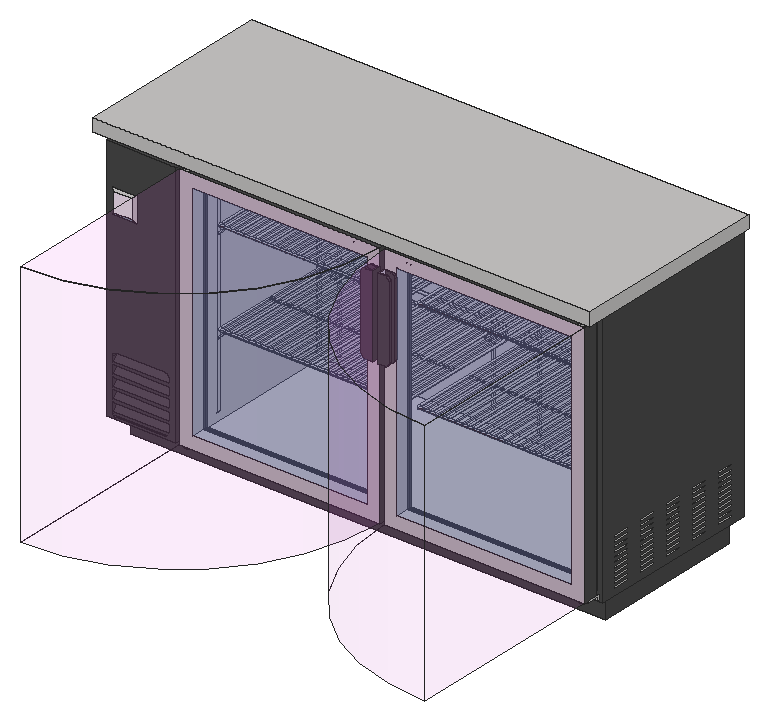
Revit family "QF_Kelvinator_738273_KCHBB60G_2-Glass_Door_Back_Bar_Refrigerator_Black_61_Long", category Specialty Equipment, Revit 2021
Family settings
  Round Connector Dimension = Use Diameter
  Part Type = Normal
  Work Plane-Based = No
  Always vertical = Yes
  Cut with Voids When Loaded = No
  Shared = No
  Room Calculation Point = No
Parameters
  Weight in Pounds = 260.145
  Watts = 300 W
  Volts = 115 V
  URL Cutsheet = ""
  Specification by User = ""
  Specification by Manufacturer = ""
  Serial Number = ""
  Seismic Rating = ""
  SMACNA No = ""
  Revision Code = ""
  Refrigerant Type = "R290"
  Phase = 1
  Number of Poles = 1
  NAFEM Spec ID Number = ""
  Model = "738273 (KCHBB60G)"
  Min Ckt Ampacity = 0 A
  Max Overcurrent Protection = 0 A
  Masterspec = ""
  Manufacturer = "Kelvinator Commercial"
  Length = 61.0625"
  Item Number = "738273"
  Installed By = ""
  Identify Quantity as Lot = yes
  Height = 36.220"
  HP = "1/5"
  Furnished By = ""
  Foodservice Equipment Identifier = yes
  FL Amps = 3 A
  Electrical Remarks = ""
  Electric Connection Type = ""
  Elec Conn RI Height = 0.000"
  Elec Conn Connection Height = 0.000"
  Description = "2-Glass Door Back Bar Refrigerator Black 61\" Long"
  Depth = 24.409"
  Default Elevation = 0.000"
  Cycle = 60 Hz
  Conn Plug = "5-15P"
  Conn Conduit = yes
  CSI MasterFormat = ""
  Apparent Power = 0 VA
Reference planes (in)
  plane 1 "BACK": y = 0
  plane 2: z = 0
  plane 3 "LEFT": x = 0
  plane 4 "RIGHT": x = 61.0625
  plane 5 "FRONT": y = -24.409
  plane 6 "TOP": z = 36.22
  plane 7 "Center Y": x = 30.53125
  plane 8 "Center X": y = -12.2045
Dimensions and locks (in)
  equal spacing: plane 3 "LEFT", plane 7 "Center Y", plane 4 "RIGHT"
  "Length": plane 3 "LEFT" to plane 4 "RIGHT"
  equal spacing: plane 5 "FRONT", plane 8 "Center X", plane 1 "BACK"
  "Depth": plane 5 "FRONT" to plane 1 "BACK"
  "Height": plane 6 "TOP" to level
  aligned and locked: level to plane 2
Nested families (in)
  nested 1: "KCHBB48S" at (0, 0, 0), type "KCHBB48S"
    with Show Clearance yes
Connectors (in)
  electrical at (30.53125, -0.715, 2.1875), driven by "Volts", driven by "Watts"
    settings: on nested 1, index 1, voltage 115 V, apparent load 300 VA, apparent load phase1 0 VA, apparent load phase2 0 VA, apparent load phase3 0 VA, power factor 1, load classification "Other", number of poles 1, system type 30, power factor state 1, is connector primary yes, connector utility no, sub classification motor no, connector description ""
Definition of nested family "KCHBB48S"
  Parameters (values of type "KCHBB48S")
    Weight in Pounds = 0
    URL Cutsheet = ""
    Specification by User = ""
    Specification by Manufacturer = ""
    Show Clearance [instance] = yes
    Serial Number = ""
    Seismic Rating = ""
    SMACNA No = ""
    Revision Code = ""
    NAFEM Spec ID Number = ""
    Masterspec = ""
    Length = 61.0625"
    Item Number = ""
    Installed By = ""
    Identify Quantity as Lot = yes
    Height = 36.1875"
    Furnished By = ""
    Foodservice Equipment Identifier = yes
    Depth = 24.4375"
    Default Elevation = 0.000"
    CSI MasterFormat = ""
  Reference planes (in)
    plane 1 "BACK": y = 0
    plane 2: z = 0
    plane 3 "LEFT": x = 0
    plane 4 "RIGHT": x = 61.0625
    plane 5 "FRONT": y = -24.4375
    plane 6 "TOP": z = 36.1875
    plane 7 "Center Y": x = 30.53125
    plane 8 "Center X": y = -12.21875
    plane 9: x = 60.46875
    plane 10: x = 0.59375
    plane 11: x = 59.96875
    plane 12: x = 35.36875
    plane 13: x = 34.86875
    plane 14: x = 10.26875
    plane 15: x = 9.68375
    plane 16: x = 1.18375
    plane 17: z = 2.6875
    plane 18: z = 34.5875
    plane 19: y = -40.8
    plane 20: y = -21.6
    plane 21: x = 1.34375
    plane 22: x = 59.71875
    plane 23: y = -1.34
    plane 24: y = -20.26
    plane 25: z = 33.8375
    plane 26: z = 3.4375
    plane 27: y = -22.1
    plane 28: x = 1.93375
    plane 29: x = 8.93375
    plane 30: x = 10.96025
    plane 31: x = 59.21025
    plane 32: x = 35.68125
    plane 33: x = 34.55625
  Forms (in)
    Extrusion 1, solid
      sketch origin (0.59375, -180, -2.6612) x (0, 0, -1) y (0, -1, 0)
        loop
          line (-5.3487, -180) -> (-5.3487, -158.4) -> (-37.2487, -158.4) -> (-37.2487, -180) -> (-5.3487, -180)
      from 0 to -59.875
    Extrusion 2, solid
      sketch origin (0, 0, 0) x (0, 1, 0) y (0, 0, 1)
        loop
          line (-24.4375, 36.1875) -> (-24.4375, 34.5875) -> (0, 34.5875) -> (0, 36.1875) -> (-24.4375, 36.1875)
      from 0 to 61.0625
    Extrusion 3, solid
      sketch origin (0, -1.34, 0) x (0, 0, -1) y (1, 0, 0)
        loop
          line (-2.6875, 1.34375) -> (0, 1.34375) -> (0, 59.71875) -> (-2.6875, 59.71875) -> (-2.6875, 1.34375)
      from 0 to 18.92
    Extrusion 4, solid
      sketch origin (0, -22.1, 34.5875) x (0, 0, 1) y (1, 0, 0)
        loop
          line (-0.75, 1.18375) -> (-0.75, 9.68375) -> (-31.15, 9.68375) -> (-31.15, 1.18375) -> (-0.75, 1.18375)
      from 0.5 to -1.75
    Extrusion 5, void
      sketch origin (1.93375, -180, 12.66737) x (0, 0, -1) y (0, -1, 0)
        loop
          line (8.97987, -157.025) -> (8.97987, -154.65) -> (1.85487, -154.65) -> (1.85487, -157.025) -> (2.10487, -157.025) -> (2.97987, -156.15) -> (3.22987, -156.15) -> (3.22987, -157.025) -> (3.47987, -157.025) -> (4.35487, -156.15) -> (4.60487, -156.15) -> (4.60487, -157.025) -> (4.85487, -157.025) -> (5.72987, -156.15) -> (5.97987, -156.15) -> (5.97987, -157.025) -> (6.22987, -157.025) -> (7.10487, -156.15) -> (7.35487, -156.15) -> (7.35487, -157.025) -> (7.60487, -157.025) -> (8.47987, -156.15) -> (8.72987, -156.15) -> (8.72987, -157.025) -> (8.97987, -157.025)
      from 0 to -7
    Extrusion 6, solid
      sketch origin (59.96875, -23.85, 3.4375) x (0, 0, 1) y (-1, 0, 0)
        loop
          line (7.375, 51.535) -> (7.375, 57.535)
          arc (7.375, 57.535) -> (7.22855, 57.88855) -> (6.875, 58.035) r 0.5
          line (6.875, 58.035) -> (0.75, 58.035)
          arc (0.75, 58.035) -> (0.39645, 57.88855) -> (0.25, 57.535) r 0.5
          line (0.25, 57.535) -> (0.25, 51.535)
          arc (0.25, 51.535) -> (0.39645, 51.18145) -> (0.75, 51.035) r 0.5
          line (0.75, 51.035) -> (6.875, 51.035)
          arc (6.875, 51.035) -> (7.22855, 51.18145) -> (7.375, 51.535) r 0.5
        loop
          line (7.625, 51.535) -> (7.625, 57.535)
          arc (7.625, 57.535) -> (7.40533, 58.06533) -> (6.875, 58.285) r 0.75
          line (6.875, 58.285) -> (0.75, 58.285)
          arc (0.75, 58.285) -> (0.21967, 58.06533) -> (0, 57.535) r 0.75
          line (0, 57.535) -> (0, 51.535)
          arc (0, 51.535) -> (0.21967, 51.00467) -> (0.75, 50.785) r 0.75
          line (0.75, 50.785) -> (6.875, 50.785)
          arc (6.875, 50.785) -> (7.40533, 51.00467) -> (7.625, 51.535) r 0.75
      from 0 to -0.875
    Blend 7, solid
      base sketch origin (59.96875, -23.85, 3.4375) x (0, 0, 1) y (-1, 0, 0)
        loop
          line (25.18493, 57.65025) -> (22.93493, 57.65025) -> (22.93493, 55.40025) -> (25.18493, 55.40025) -> (25.18493, 57.65025)
      top sketch origin (59.96875, -23.85, 3.4375) x (0, 0, 1) y (-1, 0, 0)
        loop
          line (25.56493, 58.03025) -> (22.55493, 58.03025) -> (22.55493, 55.02025) -> (25.56493, 55.02025) -> (25.56493, 58.03025)
      from 0.21643 to 0
    Extrusion 8, void
      sketch origin (0.59375, -180, -2.6612) x (0, 0, 1) y (0, -1, 0)
        loop
          arc (12.07129, -160.16063) -> (11.91504, -160.00438) -> (11.75879, -160.16063) r 0.15625
          line (11.75879, -160.16063) -> (11.75879, -162.09813)
          arc (11.75879, -162.09813) -> (11.91504, -162.25438) -> (12.07129, -162.09813) r 0.15625
          line (12.07129, -162.09813) -> (12.07129, -160.16063)
        loop
          arc (11.50879, -160.16063) -> (11.35254, -160.00438) -> (11.19629, -160.16063) r 0.15625
          line (11.19629, -160.16063) -> (11.19629, -162.09813)
          arc (11.19629, -162.09813) -> (11.35254, -162.25438) -> (11.50879, -162.09813) r 0.15625
          line (11.50879, -162.09813) -> (11.50879, -160.16063)
        loop
          arc (10.94629, -160.16063) -> (10.79004, -160.00438) -> (10.63379, -160.16063) r 0.15625
          line (10.63379, -160.16063) -> (10.63379, -162.09813)
          arc (10.63379, -162.09813) -> (10.79004, -162.25438) -> (10.94629, -162.09813) r 0.15625
          line (10.94629, -162.09813) -> (10.94629, -160.16063)
        loop
          arc (10.38379, -160.16063) -> (10.22754, -160.00438) -> (10.07129, -160.16063) r 0.15625
          line (10.07129, -160.16063) -> (10.07129, -162.09813)
          arc (10.07129, -162.09813) -> (10.22754, -162.25438) -> (10.38379, -162.09813) r 0.15625
          line (10.38379, -162.09813) -> (10.38379, -160.16063)
        loop
          arc (9.82129, -160.16063) -> (9.66504, -160.00438) -> (9.50879, -160.16063) r 0.15625
          line (9.50879, -160.16063) -> (9.50879, -162.09813)
          arc (9.50879, -162.09813) -> (9.66504, -162.25438) -> (9.82129, -162.09813) r 0.15625
          line (9.82129, -162.09813) -> (9.82129, -160.16063)
        loop
          arc (9.25879, -160.16063) -> (9.10254, -160.00438) -> (8.94629, -160.16063) r 0.15625
          line (8.94629, -160.16063) -> (8.94629, -162.09813)
          arc (8.94629, -162.09813) -> (9.10254, -162.25438) -> (9.25879, -162.09813) r 0.15625
          line (9.25879, -162.09813) -> (9.25879, -160.16063)
        loop
          arc (8.69629, -160.16063) -> (8.54004, -160.00438) -> (8.38379, -160.16063) r 0.15625
          line (8.38379, -160.16063) -> (8.38379, -162.09813)
          arc (8.38379, -162.09813) -> (8.54004, -162.25438) -> (8.69629, -162.09813) r 0.15625
          line (8.69629, -162.09813) -> (8.69629, -160.16063)
        loop
          arc (8.13379, -160.16063) -> (7.97754, -160.00438) -> (7.82129, -160.16063) r 0.15625
          line (7.82129, -160.16063) -> (7.82129, -162.09813)
          arc (7.82129, -162.09813) -> (7.97754, -162.25438) -> (8.13379, -162.09813) r 0.15625
          line (8.13379, -162.09813) -> (8.13379, -160.16063)
        loop
          arc (7.57129, -160.16063) -> (7.41504, -160.00438) -> (7.25879, -160.16063) r 0.15625
          line (7.25879, -160.16063) -> (7.25879, -162.09813)
          arc (7.25879, -162.09813) -> (7.41504, -162.25438) -> (7.57129, -162.09813) r 0.15625
          line (7.57129, -162.09813) -> (7.57129, -160.16063)
        loop
          arc (7.00879, -160.16063) -> (6.85254, -160.00438) -> (6.69629, -160.16063) r 0.15625
          line (6.69629, -160.16063) -> (6.69629, -162.09813)
          arc (6.69629, -162.09813) -> (6.85254, -162.25438) -> (7.00879, -162.09813) r 0.15625
          line (7.00879, -162.09813) -> (7.00879, -160.16063)
        loop
          arc (6.44629, -160.16063) -> (6.29004, -160.00438) -> (6.13379, -160.16063) r 0.15625
          line (6.13379, -160.16063) -> (6.13379, -162.09813)
          arc (6.13379, -162.09813) -> (6.29004, -162.25438) -> (6.44629, -162.09813) r 0.15625
          line (6.44629, -162.09813) -> (6.44629, -160.16063)
        loop
          arc (12.07129, -164.16063) -> (11.91504, -164.00438) -> (11.75879, -164.16063) r 0.15625
          line (11.75879, -164.16063) -> (11.75879, -166.09813)
          arc (11.75879, -166.09813) -> (11.91504, -166.25438) -> (12.07129, -166.09813) r 0.15625
          line (12.07129, -166.09813) -> (12.07129, -164.16063)
        loop
          arc (11.50879, -164.16063) -> (11.35254, -164.00438) -> (11.19629, -164.16063) r 0.15625
          line (11.19629, -164.16063) -> (11.19629, -166.09813)
          arc (11.19629, -166.09813) -> (11.35254, -166.25438) -> (11.50879, -166.09813) r 0.15625
          line (11.50879, -166.09813) -> (11.50879, -164.16063)
        loop
          arc (10.94629, -164.16063) -> (10.79004, -164.00438) -> (10.63379, -164.16063) r 0.15625
          line (10.63379, -164.16063) -> (10.63379, -166.09813)
          arc (10.63379, -166.09813) -> (10.79004, -166.25438) -> (10.94629, -166.09813) r 0.15625
          line (10.94629, -166.09813) -> (10.94629, -164.16063)
        loop
          arc (10.38379, -164.16063) -> (10.22754, -164.00438) -> (10.07129, -164.16063) r 0.15625
          line (10.07129, -164.16063) -> (10.07129, -166.09813)
          arc (10.07129, -166.09813) -> (10.22754, -166.25438) -> (10.38379, -166.09813) r 0.15625
          line (10.38379, -166.09813) -> (10.38379, -164.16063)
        loop
          arc (9.82129, -164.16063) -> (9.66504, -164.00438) -> (9.50879, -164.16063) r 0.15625
          line (9.50879, -164.16063) -> (9.50879, -166.09813)
          arc (9.50879, -166.09813) -> (9.66504, -166.25438) -> (9.82129, -166.09813) r 0.15625
          line (9.82129, -166.09813) -> (9.82129, -164.16063)
        loop
          arc (9.25879, -164.16063) -> (9.10254, -164.00438) -> (8.94629, -164.16063) r 0.15625
          line (8.94629, -164.16063) -> (8.94629, -166.09813)
          arc (8.94629, -166.09813) -> (9.10254, -166.25438) -> (9.25879, -166.09813) r 0.15625
          line (9.25879, -166.09813) -> (9.25879, -164.16063)
        loop
          arc (8.69629, -164.16063) -> (8.54004, -164.00438) -> (8.38379, -164.16063) r 0.15625
          line (8.38379, -164.16063) -> (8.38379, -166.09813)
          arc (8.38379, -166.09813) -> (8.54004, -166.25438) -> (8.69629, -166.09813) r 0.15625
          line (8.69629, -166.09813) -> (8.69629, -164.16063)
        loop
          arc (8.13379, -164.16063) -> (7.97754, -164.00438) -> (7.82129, -164.16063) r 0.15625
          line (7.82129, -164.16063) -> (7.82129, -166.09813)
          arc (7.82129, -166.09813) -> (7.97754, -166.25438) -> (8.13379, -166.09813) r 0.15625
          line (8.13379, -166.09813) -> (8.13379, -164.16063)
        loop
          arc (7.57129, -164.16063) -> (7.41504, -164.00438) -> (7.25879, -164.16063) r 0.15625
          line (7.25879, -164.16063) -> (7.25879, -166.09813)
          arc (7.25879, -166.09813) -> (7.41504, -166.25438) -> (7.57129, -166.09813) r 0.15625
          line (7.57129, -166.09813) -> (7.57129, -164.16063)
        loop
          arc (7.00879, -164.16063) -> (6.85254, -164.00438) -> (6.69629, -164.16063) r 0.15625
          line (6.69629, -164.16063) -> (6.69629, -166.09813)
          arc (6.69629, -166.09813) -> (6.85254, -166.25438) -> (7.00879, -166.09813) r 0.15625
          line (7.00879, -166.09813) -> (7.00879, -164.16063)
        loop
          arc (6.44629, -164.16063) -> (6.29004, -164.00438) -> (6.13379, -164.16063) r 0.15625
          line (6.13379, -164.16063) -> (6.13379, -166.09813)
          arc (6.13379, -166.09813) -> (6.29004, -166.25438) -> (6.44629, -166.09813) r 0.15625
          line (6.44629, -166.09813) -> (6.44629, -164.16063)
        loop
          arc (12.07129, -168.16063) -> (11.91504, -168.00438) -> (11.75879, -168.16063) r 0.15625
          line (11.75879, -168.16063) -> (11.75879, -170.09813)
          arc (11.75879, -170.09813) -> (11.91504, -170.25438) -> (12.07129, -170.09813) r 0.15625
          line (12.07129, -170.09813) -> (12.07129, -168.16063)
        loop
          arc (11.50879, -168.16063) -> (11.35254, -168.00438) -> (11.19629, -168.16063) r 0.15625
          line (11.19629, -168.16063) -> (11.19629, -170.09813)
          arc (11.19629, -170.09813) -> (11.35254, -170.25438) -> (11.50879, -170.09813) r 0.15625
          line (11.50879, -170.09813) -> (11.50879, -168.16063)
        loop
          arc (10.94629, -168.16063) -> (10.79004, -168.00438) -> (10.63379, -168.16063) r 0.15625
          line (10.63379, -168.16063) -> (10.63379, -170.09813)
          arc (10.63379, -170.09813) -> (10.79004, -170.25438) -> (10.94629, -170.09813) r 0.15625
          line (10.94629, -170.09813) -> (10.94629, -168.16063)
        loop
          arc (10.38379, -168.16063) -> (10.22754, -168.00438) -> (10.07129, -168.16063) r 0.15625
          line (10.07129, -168.16063) -> (10.07129, -170.09813)
          arc (10.07129, -170.09813) -> (10.22754, -170.25438) -> (10.38379, -170.09813) r 0.15625
          line (10.38379, -170.09813) -> (10.38379, -168.16063)
        loop
          arc (9.82129, -168.16063) -> (9.66504, -168.00438) -> (9.50879, -168.16063) r 0.15625
          line (9.50879, -168.16063) -> (9.50879, -170.09813)
          arc (9.50879, -170.09813) -> (9.66504, -170.25438) -> (9.82129, -170.09813) r 0.15625
          line (9.82129, -170.09813) -> (9.82129, -168.16063)
        loop
          arc (9.25879, -168.16063) -> (9.10254, -168.00438) -> (8.94629, -168.16063) r 0.15625
          line (8.94629, -168.16063) -> (8.94629, -170.09813)
          arc (8.94629, -170.09813) -> (9.10254, -170.25438) -> (9.25879, -170.09813) r 0.15625
          line (9.25879, -170.09813) -> (9.25879, -168.16063)
        loop
          arc (8.69629, -168.16063) -> (8.54004, -168.00438) -> (8.38379, -168.16063) r 0.15625
          line (8.38379, -168.16063) -> (8.38379, -170.09813)
          arc (8.38379, -170.09813) -> (8.54004, -170.25438) -> (8.69629, -170.09813) r 0.15625
          line (8.69629, -170.09813) -> (8.69629, -168.16063)
        loop
          arc (8.13379, -168.16063) -> (7.97754, -168.00438) -> (7.82129, -168.16063) r 0.15625
          line (7.82129, -168.16063) -> (7.82129, -170.09813)
          arc (7.82129, -170.09813) -> (7.97754, -170.25438) -> (8.13379, -170.09813) r 0.15625
          line (8.13379, -170.09813) -> (8.13379, -168.16063)
        loop
          arc (7.57129, -168.16063) -> (7.41504, -168.00438) -> (7.25879, -168.16063) r 0.15625
          line (7.25879, -168.16063) -> (7.25879, -170.09813)
          arc (7.25879, -170.09813) -> (7.41504, -170.25438) -> (7.57129, -170.09813) r 0.15625
          line (7.57129, -170.09813) -> (7.57129, -168.16063)
        loop
          arc (7.00879, -168.16063) -> (6.85254, -168.00438) -> (6.69629, -168.16063) r 0.15625
          line (6.69629, -168.16063) -> (6.69629, -170.09813)
          arc (6.69629, -170.09813) -> (6.85254, -170.25438) -> (7.00879, -170.09813) r 0.15625
          line (7.00879, -170.09813) -> (7.00879, -168.16063)
        loop
          arc (6.44629, -168.16063) -> (6.29004, -168.00438) -> (6.13379, -168.16063) r 0.15625
          line (6.13379, -168.16063) -> (6.13379, -170.09813)
          arc (6.13379, -170.09813) -> (6.29004, -170.25438) -> (6.44629, -170.09813) r 0.15625
          line (6.44629, -170.09813) -> (6.44629, -168.16063)
        loop
          arc (12.07129, -172.16063) -> (11.91504, -172.00438) -> (11.75879, -172.16063) r 0.15625
          line (11.75879, -172.16063) -> (11.75879, -174.09813)
          arc (11.75879, -174.09813) -> (11.91504, -174.25438) -> (12.07129, -174.09813) r 0.15625
          line (12.07129, -174.09813) -> (12.07129, -172.16063)
        loop
          arc (11.50879, -172.16063) -> (11.35254, -172.00438) -> (11.19629, -172.16063) r 0.15625
          line (11.19629, -172.16063) -> (11.19629, -174.09813)
          arc (11.19629, -174.09813) -> (11.35254, -174.25438) -> (11.50879, -174.09813) r 0.15625
          line (11.50879, -174.09813) -> (11.50879, -172.16063)
        loop
          arc (10.94629, -172.16063) -> (10.79004, -172.00438) -> (10.63379, -172.16063) r 0.15625
          line (10.63379, -172.16063) -> (10.63379, -174.09813)
          arc (10.63379, -174.09813) -> (10.79004, -174.25438) -> (10.94629, -174.09813) r 0.15625
          line (10.94629, -174.09813) -> (10.94629, -172.16063)
        loop
          arc (10.38379, -172.16063) -> (10.22754, -172.00438) -> (10.07129, -172.16063) r 0.15625
          line (10.07129, -172.16063) -> (10.07129, -174.09813)
          arc (10.07129, -174.09813) -> (10.22754, -174.25438) -> (10.38379, -174.09813) r 0.15625
          line (10.38379, -174.09813) -> (10.38379, -172.16063)
        loop
          arc (9.82129, -172.16063) -> (9.66504, -172.00438) -> (9.50879, -172.16063) r 0.15625
          line (9.50879, -172.16063) -> (9.50879, -174.09813)
          arc (9.50879, -174.09813) -> (9.66504, -174.25438) -> (9.82129, -174.09813) r 0.15625
          line (9.82129, -174.09813) -> (9.82129, -172.16063)
        loop
          arc (9.25879, -172.16063) -> (9.10254, -172.00438) -> (8.94629, -172.16063) r 0.15625
          line (8.94629, -172.16063) -> (8.94629, -174.09813)
          arc (8.94629, -174.09813) -> (9.10254, -174.25438) -> (9.25879, -174.09813) r 0.15625
          line (9.25879, -174.09813) -> (9.25879, -172.16063)
        loop
          arc (8.69629, -172.16063) -> (8.54004, -172.00438) -> (8.38379, -172.16063) r 0.15625
          line (8.38379, -172.16063) -> (8.38379, -174.09813)
          arc (8.38379, -174.09813) -> (8.54004, -174.25438) -> (8.69629, -174.09813) r 0.15625
          line (8.69629, -174.09813) -> (8.69629, -172.16063)
        loop
          arc (8.13379, -172.16063) -> (7.97754, -172.00438) -> (7.82129, -172.16063) r 0.15625
          line (7.82129, -172.16063) -> (7.82129, -174.09813)
          arc (7.82129, -174.09813) -> (7.97754, -174.25438) -> (8.13379, -174.09813) r 0.15625
          line (8.13379, -174.09813) -> (8.13379, -172.16063)
        loop
          arc (7.57129, -172.16063) -> (7.41504, -172.00438) -> (7.25879, -172.16063) r 0.15625
          line (7.25879, -172.16063) -> (7.25879, -174.09813)
          arc (7.25879, -174.09813) -> (7.41504, -174.25438) -> (7.57129, -174.09813) r 0.15625
          line (7.57129, -174.09813) -> (7.57129, -172.16063)
        loop
          arc (7.00879, -172.16063) -> (6.85254, -172.00438) -> (6.69629, -172.16063) r 0.15625
          line (6.69629, -172.16063) -> (6.69629, -174.09813)
          arc (6.69629, -174.09813) -> (6.85254, -174.25438) -> (7.00879, -174.09813) r 0.15625
          line (7.00879, -174.09813) -> (7.00879, -172.16063)
        loop
          arc (6.44629, -172.16063) -> (6.29004, -172.00438) -> (6.13379, -172.16063) r 0.15625
          line (6.13379, -172.16063) -> (6.13379, -174.09813)
          arc (6.13379, -174.09813) -> (6.29004, -174.25438) -> (6.44629, -174.09813) r 0.15625
          line (6.44629, -174.09813) -> (6.44629, -172.16063)
        loop
          arc (12.07129, -176.16063) -> (11.91504, -176.00438) -> (11.75879, -176.16063) r 0.15625
          line (11.75879, -176.16063) -> (11.75879, -178.09813)
          arc (11.75879, -178.09813) -> (11.91504, -178.25438) -> (12.07129, -178.09813) r 0.15625
          line (12.07129, -178.09813) -> (12.07129, -176.16063)
        loop
          arc (11.50879, -176.16063) -> (11.35254, -176.00438) -> (11.19629, -176.16063) r 0.15625
          line (11.19629, -176.16063) -> (11.19629, -178.09813)
          arc (11.19629, -178.09813) -> (11.35254, -178.25438) -> (11.50879, -178.09813) r 0.15625
          line (11.50879, -178.09813) -> (11.50879, -176.16063)
        loop
          arc (10.94629, -176.16063) -> (10.79004, -176.00438) -> (10.63379, -176.16063) r 0.15625
          line (10.63379, -176.16063) -> (10.63379, -178.09813)
          arc (10.63379, -178.09813) -> (10.79004, -178.25438) -> (10.94629, -178.09813) r 0.15625
          line (10.94629, -178.09813) -> (10.94629, -176.16063)
        loop
          arc (10.38379, -176.16063) -> (10.22754, -176.00438) -> (10.07129, -176.16063) r 0.15625
          line (10.07129, -176.16063) -> (10.07129, -178.09813)
          arc (10.07129, -178.09813) -> (10.22754, -178.25438) -> (10.38379, -178.09813) r 0.15625
          line (10.38379, -178.09813) -> (10.38379, -176.16063)
        loop
          arc (9.82129, -176.16063) -> (9.66504, -176.00438) -> (9.50879, -176.16063) r 0.15625
          line (9.50879, -176.16063) -> (9.50879, -178.09813)
          arc (9.50879, -178.09813) -> (9.66504, -178.25438) -> (9.82129, -178.09813) r 0.15625
          line (9.82129, -178.09813) -> (9.82129, -176.16063)
        loop
          arc (9.25879, -176.16063) -> (9.10254, -176.00438) -> (8.94629, -176.16063) r 0.15625
          line (8.94629, -176.16063) -> (8.94629, -178.09813)
          arc (8.94629, -178.09813) -> (9.10254, -178.25438) -> (9.25879, -178.09813) r 0.15625
          line (9.25879, -178.09813) -> (9.25879, -176.16063)
        loop
          arc (8.69629, -176.16063) -> (8.54004, -176.00438) -> (8.38379, -176.16063) r 0.15625
          line (8.38379, -176.16063) -> (8.38379, -178.09813)
          arc (8.38379, -178.09813) -> (8.54004, -178.25438) -> (8.69629, -178.09813) r 0.15625
          line (8.69629, -178.09813) -> (8.69629, -176.16063)
        loop
          arc (8.13379, -176.16063) -> (7.97754, -176.00438) -> (7.82129, -176.16063) r 0.15625
          line (7.82129, -176.16063) -> (7.82129, -178.09813)
          arc (7.82129, -178.09813) -> (7.97754, -178.25438) -> (8.13379, -178.09813) r 0.15625
          line (8.13379, -178.09813) -> (8.13379, -176.16063)
        loop
          arc (7.57129, -176.16063) -> (7.41504, -176.00438) -> (7.25879, -176.16063) r 0.15625
          line (7.25879, -176.16063) -> (7.25879, -178.09813)
          arc (7.25879, -178.09813) -> (7.41504, -178.25438) -> (7.57129, -178.09813) r 0.15625
          line (7.57129, -178.09813) -> (7.57129, -176.16063)
        loop
          arc (7.00879, -176.16063) -> (6.85254, -176.00438) -> (6.69629, -176.16063) r 0.15625
          line (6.69629, -176.16063) -> (6.69629, -178.09813)
          arc (6.69629, -178.09813) -> (6.85254, -178.25438) -> (7.00879, -178.09813) r 0.15625
          line (7.00879, -178.09813) -> (7.00879, -176.16063)
        loop
          arc (6.44629, -176.16063) -> (6.29004, -176.00438) -> (6.13379, -176.16063) r 0.15625
          line (6.13379, -176.16063) -> (6.13379, -178.09813)
          arc (6.13379, -178.09813) -> (6.29004, -178.25438) -> (6.44629, -178.09813) r 0.15625
          line (6.44629, -178.09813) -> (6.44629, -176.16063)
      from 0 to 0.03
    Extrusion 9, void
      sketch origin (60.46875, -180, -2.6612) x (0, 0, -1) y (0, -1, 0)
        loop
          line (-12.07129, -160.16063) -> (-12.07129, -162.09813)
          arc (-12.07129, -162.09813) -> (-11.91504, -162.25438) -> (-11.75879, -162.09813) r 0.15625
          line (-11.75879, -162.09813) -> (-11.75879, -160.16063)
          arc (-11.75879, -160.16063) -> (-11.91504, -160.00438) -> (-12.07129, -160.16063) r 0.15625
        loop
          line (-11.50879, -160.16063) -> (-11.50879, -162.09813)
          arc (-11.50879, -162.09813) -> (-11.35254, -162.25438) -> (-11.19629, -162.09813) r 0.15625
          line (-11.19629, -162.09813) -> (-11.19629, -160.16063)
          arc (-11.19629, -160.16063) -> (-11.35254, -160.00438) -> (-11.50879, -160.16063) r 0.15625
        loop
          line (-10.94629, -160.16063) -> (-10.94629, -162.09813)
          arc (-10.94629, -162.09813) -> (-10.79004, -162.25438) -> (-10.63379, -162.09813) r 0.15625
          line (-10.63379, -162.09813) -> (-10.63379, -160.16063)
          arc (-10.63379, -160.16063) -> (-10.79004, -160.00438) -> (-10.94629, -160.16063) r 0.15625
        loop
          line (-10.38379, -160.16063) -> (-10.38379, -162.09813)
          arc (-10.38379, -162.09813) -> (-10.22754, -162.25438) -> (-10.07129, -162.09813) r 0.15625
          line (-10.07129, -162.09813) -> (-10.07129, -160.16063)
          arc (-10.07129, -160.16063) -> (-10.22754, -160.00438) -> (-10.38379, -160.16063) r 0.15625
        loop
          line (-9.82129, -160.16063) -> (-9.82129, -162.09813)
          arc (-9.82129, -162.09813) -> (-9.66504, -162.25438) -> (-9.50879, -162.09813) r 0.15625
          line (-9.50879, -162.09813) -> (-9.50879, -160.16063)
          arc (-9.50879, -160.16063) -> (-9.66504, -160.00438) -> (-9.82129, -160.16063) r 0.15625
        loop
          line (-9.25879, -160.16063) -> (-9.25879, -162.09813)
          arc (-9.25879, -162.09813) -> (-9.10254, -162.25438) -> (-8.94629, -162.09813) r 0.15625
          line (-8.94629, -162.09813) -> (-8.94629, -160.16063)
          arc (-8.94629, -160.16063) -> (-9.10254, -160.00438) -> (-9.25879, -160.16063) r 0.15625
        loop
          line (-8.69629, -160.16063) -> (-8.69629, -162.09813)
          arc (-8.69629, -162.09813) -> (-8.54004, -162.25438) -> (-8.38379, -162.09813) r 0.15625
          line (-8.38379, -162.09813) -> (-8.38379, -160.16063)
          arc (-8.38379, -160.16063) -> (-8.54004, -160.00438) -> (-8.69629, -160.16063) r 0.15625
        loop
          line (-8.13379, -160.16063) -> (-8.13379, -162.09813)
          arc (-8.13379, -162.09813) -> (-7.97754, -162.25438) -> (-7.82129, -162.09813) r 0.15625
          line (-7.82129, -162.09813) -> (-7.82129, -160.16063)
          arc (-7.82129, -160.16063) -> (-7.97754, -160.00438) -> (-8.13379, -160.16063) r 0.15625
        loop
          line (-7.57129, -160.16063) -> (-7.57129, -162.09813)
          arc (-7.57129, -162.09813) -> (-7.41504, -162.25438) -> (-7.25879, -162.09813) r 0.15625
          line (-7.25879, -162.09813) -> (-7.25879, -160.16063)
          arc (-7.25879, -160.16063) -> (-7.41504, -160.00438) -> (-7.57129, -160.16063) r 0.15625
        loop
          line (-7.00879, -160.16063) -> (-7.00879, -162.09813)
          arc (-7.00879, -162.09813) -> (-6.85254, -162.25438) -> (-6.69629, -162.09813) r 0.15625
          line (-6.69629, -162.09813) -> (-6.69629, -160.16063)
          arc (-6.69629, -160.16063) -> (-6.85254, -160.00438) -> (-7.00879, -160.16063) r 0.15625
        loop
          line (-6.44629, -160.16063) -> (-6.44629, -162.09813)
          arc (-6.44629, -162.09813) -> (-6.29004, -162.25438) -> (-6.13379, -162.09813) r 0.15625
          line (-6.13379, -162.09813) -> (-6.13379, -160.16063)
          arc (-6.13379, -160.16063) -> (-6.29004, -160.00438) -> (-6.44629, -160.16063) r 0.15625
        loop
          line (-12.07129, -164.16063) -> (-12.07129, -166.09813)
          arc (-12.07129, -166.09813) -> (-11.91504, -166.25438) -> (-11.75879, -166.09813) r 0.15625
          line (-11.75879, -166.09813) -> (-11.75879, -164.16063)
          arc (-11.75879, -164.16063) -> (-11.91504, -164.00438) -> (-12.07129, -164.16063) r 0.15625
        loop
          line (-11.50879, -164.16063) -> (-11.50879, -166.09813)
          arc (-11.50879, -166.09813) -> (-11.35254, -166.25438) -> (-11.19629, -166.09813) r 0.15625
          line (-11.19629, -166.09813) -> (-11.19629, -164.16063)
          arc (-11.19629, -164.16063) -> (-11.35254, -164.00438) -> (-11.50879, -164.16063) r 0.15625
        loop
          line (-10.94629, -164.16063) -> (-10.94629, -166.09813)
          arc (-10.94629, -166.09813) -> (-10.79004, -166.25438) -> (-10.63379, -166.09813) r 0.15625
          line (-10.63379, -166.09813) -> (-10.63379, -164.16063)
          arc (-10.63379, -164.16063) -> (-10.79004, -164.00438) -> (-10.94629, -164.16063) r 0.15625
        loop
          line (-10.38379, -164.16063) -> (-10.38379, -166.09813)
          arc (-10.38379, -166.09813) -> (-10.22754, -166.25438) -> (-10.07129, -166.09813) r 0.15625
          line (-10.07129, -166.09813) -> (-10.07129, -164.16063)
          arc (-10.07129, -164.16063) -> (-10.22754, -164.00438) -> (-10.38379, -164.16063) r 0.15625
        loop
          line (-9.82129, -164.16063) -> (-9.82129, -166.09813)
          arc (-9.82129, -166.09813) -> (-9.66504, -166.25438) -> (-9.50879, -166.09813) r 0.15625
          line (-9.50879, -166.09813) -> (-9.50879, -164.16063)
          arc (-9.50879, -164.16063) -> (-9.66504, -164.00438) -> (-9.82129, -164.16063) r 0.15625
        loop
          line (-9.25879, -164.16063) -> (-9.25879, -166.09813)
          arc (-9.25879, -166.09813) -> (-9.10254, -166.25438) -> (-8.94629, -166.09813) r 0.15625
          line (-8.94629, -166.09813) -> (-8.94629, -164.16063)
          arc (-8.94629, -164.16063) -> (-9.10254, -164.00438) -> (-9.25879, -164.16063) r 0.15625
        loop
          line (-8.69629, -164.16063) -> (-8.69629, -166.09813)
          arc (-8.69629, -166.09813) -> (-8.54004, -166.25438) -> (-8.38379, -166.09813) r 0.15625
          line (-8.38379, -166.09813) -> (-8.38379, -164.16063)
          arc (-8.38379, -164.16063) -> (-8.54004, -164.00438) -> (-8.69629, -164.16063) r 0.15625
        loop
          line (-8.13379, -164.16063) -> (-8.13379, -166.09813)
          arc (-8.13379, -166.09813) -> (-7.97754, -166.25438) -> (-7.82129, -166.09813) r 0.15625
          line (-7.82129, -166.09813) -> (-7.82129, -164.16063)
          arc (-7.82129, -164.16063) -> (-7.97754, -164.00438) -> (-8.13379, -164.16063) r 0.15625
        loop
          line (-7.57129, -164.16063) -> (-7.57129, -166.09813)
          arc (-7.57129, -166.09813) -> (-7.41504, -166.25438) -> (-7.25879, -166.09813) r 0.15625
          line (-7.25879, -166.09813) -> (-7.25879, -164.16063)
          arc (-7.25879, -164.16063) -> (-7.41504, -164.00438) -> (-7.57129, -164.16063) r 0.15625
        loop
          line (-7.00879, -164.16063) -> (-7.00879, -166.09813)
          arc (-7.00879, -166.09813) -> (-6.85254, -166.25438) -> (-6.69629, -166.09813) r 0.15625
          line (-6.69629, -166.09813) -> (-6.69629, -164.16063)
          arc (-6.69629, -164.16063) -> (-6.85254, -164.00438) -> (-7.00879, -164.16063) r 0.15625
        loop
          line (-6.44629, -164.16063) -> (-6.44629, -166.09813)
          arc (-6.44629, -166.09813) -> (-6.29004, -166.25438) -> (-6.13379, -166.09813) r 0.15625
          line (-6.13379, -166.09813) -> (-6.13379, -164.16063)
          arc (-6.13379, -164.16063) -> (-6.29004, -164.00438) -> (-6.44629, -164.16063) r 0.15625
        loop
          line (-12.07129, -168.16063) -> (-12.07129, -170.09813)
          arc (-12.07129, -170.09813) -> (-11.91504, -170.25438) -> (-11.75879, -170.09813) r 0.15625
          line (-11.75879, -170.09813) -> (-11.75879, -168.16063)
          arc (-11.75879, -168.16063) -> (-11.91504, -168.00438) -> (-12.07129, -168.16063) r 0.15625
        loop
          line (-11.50879, -168.16063) -> (-11.50879, -170.09813)
          arc (-11.50879, -170.09813) -> (-11.35254, -170.25438) -> (-11.19629, -170.09813) r 0.15625
          line (-11.19629, -170.09813) -> (-11.19629, -168.16063)
          arc (-11.19629, -168.16063) -> (-11.35254, -168.00438) -> (-11.50879, -168.16063) r 0.15625
        loop
          line (-10.94629, -168.16063) -> (-10.94629, -170.09813)
          arc (-10.94629, -170.09813) -> (-10.79004, -170.25438) -> (-10.63379, -170.09813) r 0.15625
          line (-10.63379, -170.09813) -> (-10.63379, -168.16063)
          arc (-10.63379, -168.16063) -> (-10.79004, -168.00438) -> (-10.94629, -168.16063) r 0.15625
        loop
          line (-10.38379, -168.16063) -> (-10.38379, -170.09813)
          arc (-10.38379, -170.09813) -> (-10.22754, -170.25438) -> (-10.07129, -170.09813) r 0.15625
          line (-10.07129, -170.09813) -> (-10.07129, -168.16063)
          arc (-10.07129, -168.16063) -> (-10.22754, -168.00438) -> (-10.38379, -168.16063) r 0.15625
        loop
          line (-9.82129, -168.16063) -> (-9.82129, -170.09813)
          arc (-9.82129, -170.09813) -> (-9.66504, -170.25438) -> (-9.50879, -170.09813) r 0.15625
          line (-9.50879, -170.09813) -> (-9.50879, -168.16063)
          arc (-9.50879, -168.16063) -> (-9.66504, -168.00438) -> (-9.82129, -168.16063) r 0.15625
        loop
          line (-9.25879, -168.16063) -> (-9.25879, -170.09813)
          arc (-9.25879, -170.09813) -> (-9.10254, -170.25438) -> (-8.94629, -170.09813) r 0.15625
          line (-8.94629, -170.09813) -> (-8.94629, -168.16063)
          arc (-8.94629, -168.16063) -> (-9.10254, -168.00438) -> (-9.25879, -168.16063) r 0.15625
        loop
          line (-8.69629, -168.16063) -> (-8.69629, -170.09813)
          arc (-8.69629, -170.09813) -> (-8.54004, -170.25438) -> (-8.38379, -170.09813) r 0.15625
          line (-8.38379, -170.09813) -> (-8.38379, -168.16063)
          arc (-8.38379, -168.16063) -> (-8.54004, -168.00438) -> (-8.69629, -168.16063) r 0.15625
        loop
          line (-8.13379, -168.16063) -> (-8.13379, -170.09813)
          arc (-8.13379, -170.09813) -> (-7.97754, -170.25438) -> (-7.82129, -170.09813) r 0.15625
          line (-7.82129, -170.09813) -> (-7.82129, -168.16063)
          arc (-7.82129, -168.16063) -> (-7.97754, -168.00438) -> (-8.13379, -168.16063) r 0.15625
        loop
          line (-7.57129, -168.16063) -> (-7.57129, -170.09813)
          arc (-7.57129, -170.09813) -> (-7.41504, -170.25438) -> (-7.25879, -170.09813) r 0.15625
          line (-7.25879, -170.09813) -> (-7.25879, -168.16063)
          arc (-7.25879, -168.16063) -> (-7.41504, -168.00438) -> (-7.57129, -168.16063) r 0.15625
        loop
          line (-7.00879, -168.16063) -> (-7.00879, -170.09813)
          arc (-7.00879, -170.09813) -> (-6.85254, -170.25438) -> (-6.69629, -170.09813) r 0.15625
          line (-6.69629, -170.09813) -> (-6.69629, -168.16063)
          arc (-6.69629, -168.16063) -> (-6.85254, -168.00438) -> (-7.00879, -168.16063) r 0.15625
        loop
          line (-6.44629, -168.16063) -> (-6.44629, -170.09813)
          arc (-6.44629, -170.09813) -> (-6.29004, -170.25438) -> (-6.13379, -170.09813) r 0.15625
          line (-6.13379, -170.09813) -> (-6.13379, -168.16063)
          arc (-6.13379, -168.16063) -> (-6.29004, -168.00438) -> (-6.44629, -168.16063) r 0.15625
        loop
          line (-12.07129, -172.16063) -> (-12.07129, -174.09813)
          arc (-12.07129, -174.09813) -> (-11.91504, -174.25438) -> (-11.75879, -174.09813) r 0.15625
          line (-11.75879, -174.09813) -> (-11.75879, -172.16063)
          arc (-11.75879, -172.16063) -> (-11.91504, -172.00438) -> (-12.07129, -172.16063) r 0.15625
        loop
          line (-11.50879, -172.16063) -> (-11.50879, -174.09813)
          arc (-11.50879, -174.09813) -> (-11.35254, -174.25438) -> (-11.19629, -174.09813) r 0.15625
          line (-11.19629, -174.09813) -> (-11.19629, -172.16063)
          arc (-11.19629, -172.16063) -> (-11.35254, -172.00438) -> (-11.50879, -172.16063) r 0.15625
        loop
          line (-10.94629, -172.16063) -> (-10.94629, -174.09813)
          arc (-10.94629, -174.09813) -> (-10.79004, -174.25438) -> (-10.63379, -174.09813) r 0.15625
          line (-10.63379, -174.09813) -> (-10.63379, -172.16063)
          arc (-10.63379, -172.16063) -> (-10.79004, -172.00438) -> (-10.94629, -172.16063) r 0.15625
        loop
          line (-10.38379, -172.16063) -> (-10.38379, -174.09813)
          arc (-10.38379, -174.09813) -> (-10.22754, -174.25438) -> (-10.07129, -174.09813) r 0.15625
          line (-10.07129, -174.09813) -> (-10.07129, -172.16063)
          arc (-10.07129, -172.16063) -> (-10.22754, -172.00438) -> (-10.38379, -172.16063) r 0.15625
        loop
          line (-9.82129, -172.16063) -> (-9.82129, -174.09813)
          arc (-9.82129, -174.09813) -> (-9.66504, -174.25438) -> (-9.50879, -174.09813) r 0.15625
          line (-9.50879, -174.09813) -> (-9.50879, -172.16063)
          arc (-9.50879, -172.16063) -> (-9.66504, -172.00438) -> (-9.82129, -172.16063) r 0.15625
        loop
          line (-9.25879, -172.16063) -> (-9.25879, -174.09813)
          arc (-9.25879, -174.09813) -> (-9.10254, -174.25438) -> (-8.94629, -174.09813) r 0.15625
          line (-8.94629, -174.09813) -> (-8.94629, -172.16063)
          arc (-8.94629, -172.16063) -> (-9.10254, -172.00438) -> (-9.25879, -172.16063) r 0.15625
        loop
          line (-8.69629, -172.16063) -> (-8.69629, -174.09813)
          arc (-8.69629, -174.09813) -> (-8.54004, -174.25438) -> (-8.38379, -174.09813) r 0.15625
          line (-8.38379, -174.09813) -> (-8.38379, -172.16063)
          arc (-8.38379, -172.16063) -> (-8.54004, -172.00438) -> (-8.69629, -172.16063) r 0.15625
        loop
          line (-8.13379, -172.16063) -> (-8.13379, -174.09813)
          arc (-8.13379, -174.09813) -> (-7.97754, -174.25438) -> (-7.82129, -174.09813) r 0.15625
          line (-7.82129, -174.09813) -> (-7.82129, -172.16063)
          arc (-7.82129, -172.16063) -> (-7.97754, -172.00438) -> (-8.13379, -172.16063) r 0.15625
        loop
          line (-7.57129, -172.16063) -> (-7.57129, -174.09813)
          arc (-7.57129, -174.09813) -> (-7.41504, -174.25438) -> (-7.25879, -174.09813) r 0.15625
          line (-7.25879, -174.09813) -> (-7.25879, -172.16063)
          arc (-7.25879, -172.16063) -> (-7.41504, -172.00438) -> (-7.57129, -172.16063) r 0.15625
        loop
          line (-7.00879, -172.16063) -> (-7.00879, -174.09813)
          arc (-7.00879, -174.09813) -> (-6.85254, -174.25438) -> (-6.69629, -174.09813) r 0.15625
          line (-6.69629, -174.09813) -> (-6.69629, -172.16063)
          arc (-6.69629, -172.16063) -> (-6.85254, -172.00438) -> (-7.00879, -172.16063) r 0.15625
        loop
          line (-6.44629, -172.16063) -> (-6.44629, -174.09813)
          arc (-6.44629, -174.09813) -> (-6.29004, -174.25438) -> (-6.13379, -174.09813) r 0.15625
          line (-6.13379, -174.09813) -> (-6.13379, -172.16063)
          arc (-6.13379, -172.16063) -> (-6.29004, -172.00438) -> (-6.44629, -172.16063) r 0.15625
        loop
          line (-12.07129, -176.16063) -> (-12.07129, -178.09813)
          arc (-12.07129, -178.09813) -> (-11.91504, -178.25438) -> (-11.75879, -178.09813) r 0.15625
          line (-11.75879, -178.09813) -> (-11.75879, -176.16063)
          arc (-11.75879, -176.16063) -> (-11.91504, -176.00438) -> (-12.07129, -176.16063) r 0.15625
        loop
          line (-11.50879, -176.16063) -> (-11.50879, -178.09813)
          arc (-11.50879, -178.09813) -> (-11.35254, -178.25438) -> (-11.19629, -178.09813) r 0.15625
          line (-11.19629, -178.09813) -> (-11.19629, -176.16063)
          arc (-11.19629, -176.16063) -> (-11.35254, -176.00438) -> (-11.50879, -176.16063) r 0.15625
        loop
          line (-10.94629, -176.16063) -> (-10.94629, -178.09813)
          arc (-10.94629, -178.09813) -> (-10.79004, -178.25438) -> (-10.63379, -178.09813) r 0.15625
          line (-10.63379, -178.09813) -> (-10.63379, -176.16063)
          arc (-10.63379, -176.16063) -> (-10.79004, -176.00438) -> (-10.94629, -176.16063) r 0.15625
        loop
          line (-10.38379, -176.16063) -> (-10.38379, -178.09813)
          arc (-10.38379, -178.09813) -> (-10.22754, -178.25438) -> (-10.07129, -178.09813) r 0.15625
          line (-10.07129, -178.09813) -> (-10.07129, -176.16063)
          arc (-10.07129, -176.16063) -> (-10.22754, -176.00438) -> (-10.38379, -176.16063) r 0.15625
        loop
          line (-9.82129, -176.16063) -> (-9.82129, -178.09813)
          arc (-9.82129, -178.09813) -> (-9.66504, -178.25438) -> (-9.50879, -178.09813) r 0.15625
          line (-9.50879, -178.09813) -> (-9.50879, -176.16063)
          arc (-9.50879, -176.16063) -> (-9.66504, -176.00438) -> (-9.82129, -176.16063) r 0.15625
        loop
          line (-9.25879, -176.16063) -> (-9.25879, -178.09813)
          arc (-9.25879, -178.09813) -> (-9.10254, -178.25438) -> (-8.94629, -178.09813) r 0.15625
          line (-8.94629, -178.09813) -> (-8.94629, -176.16063)
          arc (-8.94629, -176.16063) -> (-9.10254, -176.00438) -> (-9.25879, -176.16063) r 0.15625
        loop
          line (-8.69629, -176.16063) -> (-8.69629, -178.09813)
          arc (-8.69629, -178.09813) -> (-8.54004, -178.25438) -> (-8.38379, -178.09813) r 0.15625
          line (-8.38379, -178.09813) -> (-8.38379, -176.16063)
          arc (-8.38379, -176.16063) -> (-8.54004, -176.00438) -> (-8.69629, -176.16063) r 0.15625
        loop
          line (-8.13379, -176.16063) -> (-8.13379, -178.09813)
          arc (-8.13379, -178.09813) -> (-7.97754, -178.25438) -> (-7.82129, -178.09813) r 0.15625
          line (-7.82129, -178.09813) -> (-7.82129, -176.16063)
          arc (-7.82129, -176.16063) -> (-7.97754, -176.00438) -> (-8.13379, -176.16063) r 0.15625
        loop
          line (-7.57129, -176.16063) -> (-7.57129, -178.09813)
          arc (-7.57129, -178.09813) -> (-7.41504, -178.25438) -> (-7.25879, -178.09813) r 0.15625
          line (-7.25879, -178.09813) -> (-7.25879, -176.16063)
          arc (-7.25879, -176.16063) -> (-7.41504, -176.00438) -> (-7.57129, -176.16063) r 0.15625
        loop
          line (-7.00879, -176.16063) -> (-7.00879, -178.09813)
          arc (-7.00879, -178.09813) -> (-6.85254, -178.25438) -> (-6.69629, -178.09813) r 0.15625
          line (-6.69629, -178.09813) -> (-6.69629, -176.16063)
          arc (-6.69629, -176.16063) -> (-6.85254, -176.00438) -> (-7.00879, -176.16063) r 0.15625
        loop
          line (-6.44629, -176.16063) -> (-6.44629, -178.09813)
          arc (-6.44629, -178.09813) -> (-6.29004, -178.25438) -> (-6.13379, -178.09813) r 0.15625
          line (-6.13379, -178.09813) -> (-6.13379, -176.16063)
          arc (-6.13379, -176.16063) -> (-6.29004, -176.00438) -> (-6.44629, -176.16063) r 0.15625
      from 0 to 0.03
    Extrusion 10, void
      sketch origin (10.96025, -180, 33.14145) x (0, 0, 1) y (0, -1, 0)
        loop
          line (-0.05395, -158.4) -> (-28.99145, -158.4) -> (-28.99145, -176.9) -> (-0.05395, -176.9) -> (-0.05395, -158.4)
      from 0 to 48.25
    Extrusion 11, solid
      sketch origin (-5.40625, -21.6, 2.6875) x (0, 0, 1) y (-1, 0, 0)
        loop
          line (31.9, -39.9625) -> (0.75, -39.9625) -> (0.75, -41.0875) -> (31.9, -41.0875) -> (31.9, -39.9625)
      from 0 to -0.38658
    Extrusion 12, solid
      sketch origin (0.59375, 0, 2.6875) x (-1, 0, 0) y (0, 1, 0)
        loop
          circle (-29.9375, -0.715) r 0.25
      from 0 to 0.5
  Cuts and joins
    Extrusion 5, Extrusion 10 cuts Extrusion 4
    Extrusion 10 cuts Extrusion 6
    joined: Extrusion 4, Extrusion 6
    Extrusion 8, Extrusion 9, Extrusion 10 cuts Extrusion 1
    joined: Extrusion 1, Extrusion 11
  Lines and regions (in)
    Split face 1
      outline origin (3.4435, -24.06643, 28.62243) x (1, 0, 0) y (0, 0.49491, 0.868944)
        loop
          line (-1.21875, 0.43731) -> (-0.97039, 0.18895) -> (0.97039, 0.18895) -> (1.21875, 0.43731)
    Split face 2
      outline origin (2.3185, -24.06643, 27.49743) x (0, 0, 1) y (-0.868944, 0.49491, 0)
        loop
          line (1.18615, 0.43731) -> (0.93617, 0.18733) -> (-0.93617, 0.18733) -> (-1.18615, 0.43731)
    Split face 3
      outline origin (4.5685, -24.06643, 27.49743) x (0, 0, -1) y (0.868944, 0.49491, 0)
        loop
          line (-1.19007, 0.43731) -> (-0.98384, 0.15014) -> (0.98384, 0.15014) -> (1.19007, 0.43731)
    Split face 4
      outline origin (3.4435, -24.06643, 26.37243) x (-1, 0, 0) y (0, 0.49491, -0.868944)
        loop
          line (1.22528, 0.43731) -> (0.97787, 0.1899) -> (-0.97787, 0.1899) -> (-1.22528, 0.43731)
    Split face 5
      outline origin (59.96875, -24.06643, 3.4375) x (0, 0, 1) y (-1, 0, 0)
        loop
          line (24.38945, 57.65025) -> (24.38945, 55.40025)
    Split face 6
      outline origin (59.96875, -24.06643, 3.4375) x (0, 0, 1) y (-1, 0, 0)
        loop
          line (24.25741, 56.81122) -> (23.12376, 56.81122) -> (23.12376, 56.18607) -> (24.25741, 56.18607) -> (24.25741, 56.81122)
    Split face 7
      outline origin (59.96875, -24.06643, 3.4375) x (0, 0, 1) y (-1, 0, 0)
        loop
          line (24.19741, 56.24607) -> (24.19741, 56.75122) -> (23.18376, 56.75122) -> (23.18376, 56.24607) -> (24.19741, 56.24607)
    symbolic lines
      curve 1: line (61.0625, 0, 0) -> (0, 0, 0)
      curve 2: line (0, 0, 0) -> (0, -24.4375, 0)
      curve 3: line (0, -24.4375, 0) -> (61.0625, -24.4375, 0)
      curve 4: line (61.0625, -24.4375, 0) -> (61.0625, 0, 0)
  Dimensions and locks (in)
    equal spacing: plane 3 "LEFT", plane 7 "Center Y", plane 4 "RIGHT"
    "Length": plane 3 "LEFT" to plane 4 "RIGHT"
    equal spacing: plane 5 "FRONT", plane 8 "Center X", plane 1 "BACK"
    "Depth": plane 5 "FRONT" to plane 1 "BACK"
    "Height": plane 6 "TOP" to level
    plane 10 to plane 9 = 59.875"
    plane 4 "RIGHT" to plane 3 "LEFT" = 61.0625"
    plane 6 "TOP" to plane 17 = 33.500"
    plane 19 to plane 1 "BACK" = 40.800"
    plane 5 "FRONT" to plane 1 "BACK" = 24.4375"
    plane 20 to plane 1 "BACK" = 21.600"
    plane 12 to plane 11 = 24.600"
    plane 14 to plane 13 = 24.600"
    locked: plane 3 "LEFT" to plane 30 at 10.96025
    plane 16 to plane 15 = 8.500"
    locked: plane 3 "LEFT" to plane 16 at 1.18375
    locked: plane 9 to plane 4 "RIGHT" at 0.59375
    locked: plane 11 to plane 4 "RIGHT" at 1.09375
    locked: plane 4 "RIGHT" to plane 22 at 1.34375
    locked: plane 15 to plane 30 at 1.2765
    locked: plane 31 to plane 4 "RIGHT" at 1.85225
    aligned and locked: level to plane 2
    aligned and locked: Extrusion 2 to plane 4 "RIGHT"
    aligned and locked: cut or joined group of Extrusion 1, Extrusion 8, Extrusion 9, Extrusion 10, Extrusion 11 to plane 9
    aligned and locked: nested 2 to plane 11
    aligned and locked: plane 22 to Extrusion 3
    aligned and locked: cut or joined group of Extrusion 1, Extrusion 8, Extrusion 9, Extrusion 10, Extrusion 11 to plane 31
  Automatic sketch dimensions
    plane 1 "BACK" to curve 1 = 0.000"
    curve 1 to plane 3 "LEFT" = 0.000"
    curve 3 to plane 4 "RIGHT" = 0.000"
    plane 5 "FRONT" to curve 3 = 0.000"
    Extrusion 1 sketch curve to plane 1 "BACK" = 0.000"
    plane 18 to Extrusion 1 sketch curve = 0.000"
    plane 17 to Extrusion 1 sketch curve = 0.000"
    Extrusion 1 sketch curve to plane 20 = 0.000"
    Extrusion 2 sketch curve to plane 5 "FRONT" = 0.000"
    Extrusion 2 sketch curve to plane 1 "BACK" = 0.000"
    plane 18 to Extrusion 2 sketch curve = 0.000"
    Extrusion 2 sketch curve to plane 6 "TOP" = 0.000"
    Extrusion 3 sketch curve to plane 17 = 0.000"
    Extrusion 3 sketch curve to level = 0.000"
    plane 21 to Extrusion 3 sketch curve = 0.000"
    Extrusion 3 sketch curve to plane 22 = 0.000"
    plane 16 to Extrusion 4 sketch curve = 0.000"
    Extrusion 4 sketch curve to plane 26 = 0.000"
    Extrusion 4 sketch curve to plane 25 = 0.000"
    plane 15 to Extrusion 4 sketch curve = 0.000"
    plane 5 "FRONT" to Extrusion 5 sketch curve = 0.9125"
    Extrusion 5 sketch curve to plane 26 = 7.375"
    Extrusion 5 sketch curve to plane 27 = 0.875"  (x6)
    Extrusion 5 sketch curve to Extrusion 5 sketch curve = 0.250"  (x10)
    Extrusion 5 sketch curve to plane 5 "FRONT" = 0.5875"  (x5)
    Extrusion 5 sketch curve to Extrusion 5 sketch curve = 0.875"
    Extrusion 5 sketch curve to Extrusion 5 sketch curve = 1.125"  (x3)
    Extrusion 5 sketch curve to plane 26 = 0.750"
    Extrusion 5 sketch curve to plane 26 = 0.250"
    Extrusion 6 sketch curve to Extrusion 6 sketch curve = 0.000"  (x8)
    Extrusion 6 sketch curve to plane 26 = 0.000"
    plane 29 to Extrusion 6 sketch curve = 0.000"
    Extrusion 6 sketch curve to plane 28 = 0.000"
    Extrusion 6 sketch curve to plane 26 = 0.250"
    Extrusion 6 sketch curve to Extrusion 6 sketch curve = 0.500"  (x3)
    plane 29 to Extrusion 6 sketch curve = 0.500"
    Extrusion 6 sketch curve to Extrusion 6 sketch curve = 6.125"
    plane 28 to Blend 7 sketch curve = 0.38475"
    plane 25 to Blend 7 sketch curve = 7.46507"
    Blend 7 sketch curve to Blend 7 sketch curve = 2.250"  (x2)
    plane 28 to Blend 7 sketch curve = 0.00475"
    plane 25 to Blend 7 sketch curve = 7.84507"
    Blend 7 sketch curve to Blend 7 sketch curve = 3.010"  (x2)
    Extrusion 1 to Extrusion 8 sketch curve = 0.78509"  (x5)
    Extrusion 8 sketch curve to Extrusion 8 sketch curve = 0.15625"  (x55)
    Extrusion 8 sketch curve to Extrusion 8 sketch curve = 0.250"  (x50)
    Extrusion 1 to Extrusion 8 sketch curve = 1.90187"  (x2)
    Extrusion 8 sketch curve to Extrusion 8 sketch curve = 0.000"  (x94)
    Extrusion 8 sketch curve to Extrusion 8 sketch curve = 1.9375"  (x4)
    Extrusion 8 sketch curve to Extrusion 8 sketch curve = 2.0625"  (x9)
    Extrusion 1 to Extrusion 8 sketch curve = 1.76063"
    Blend 7 to Split face 1 sketch curve = 0.000"  (x2)
    Split face 1 sketch curve to Blend 7 = 0.21607"
    Split face 1 sketch curve to Split face 1 sketch curve = 0.24836"  (x2)
    Blend 7 to Split face 1 sketch curve = 0.18895"
    Split face 1 sketch curve to Split face 1 sketch curve = 1.94078"
    Split face 2 sketch curve to Blend 7 = 0.000"  (x2)
    Split face 2 sketch curve to Blend 7 = 0.24068"
    Blend 7 to Split face 2 sketch curve = 0.18733"
    Split face 2 sketch curve to Split face 2 sketch curve = 0.24998"  (x2)
    Split face 2 sketch curve to Split face 2 sketch curve = 1.87234"
    Split face 3 sketch curve to Blend 7 = 0.000"  (x2)
    Blend 7 to Split face 3 sketch curve = 0.23772"
    Blend 7 to Split face 3 sketch curve = 0.15014"
    Split face 3 sketch curve to Split face 3 sketch curve = 0.20622"  (x2)
    Split face 3 sketch curve to Split face 3 sketch curve = 1.96768"
    Split face 4 sketch curve to Blend 7 = 0.000"  (x2)
    Split face 4 sketch curve to Blend 7 = 0.21114"
    Split face 4 sketch curve to Split face 4 sketch curve = 0.24741"  (x2)
    Blend 7 to Split face 4 sketch curve = 0.1899"
    Split face 4 sketch curve to Split face 4 sketch curve = 1.95574"
    Split face 5 sketch curve to Blend 7 = 0.000"
    Blend 7 to Split face 5 sketch curve = 0.000"
    Split face 5 sketch curve to Blend 7 = 0.79548"
    Split face 6 sketch curve to Blend 7 = 0.18883"
    Split face 6 sketch curve to Blend 7 = 0.92752"
    Split face 6 sketch curve to Blend 7 = 0.78582"
    Split face 6 sketch curve to Split face 6 sketch curve = 0.62515"
    Split face 7 sketch curve to Blend 7 = 0.24883"
    Split face 7 sketch curve to Blend 7 = 0.98752"
    Split face 7 sketch curve to Blend 7 = 0.84582"
    Split face 7 sketch curve to Split face 7 sketch curve = 0.50515"
    Extrusion 10 sketch curve to plane 20 = 0.000"
    plane 25 to Extrusion 10 sketch curve = 0.750"
    Extrusion 10 sketch curve to plane 26 = 0.7125"
    plane 23 to Extrusion 10 sketch curve = 1.760"
    Extrusion 11 sketch curve to Extrusion 1 = 0.000"
    Extrusion 1 to Extrusion 11 sketch curve = 0.750"
    Extrusion 1 to Extrusion 11 sketch curve = 24.7875"
    Extrusion 11 sketch curve to Extrusion 11 sketch curve = 1.125"
    Extrusion 1 to Extrusion 9 sketch curve = 1.76063"  (x2)
    Extrusion 1 to Extrusion 9 sketch curve = 6.72259"  (x2)
    Extrusion 9 sketch curve to Extrusion 9 sketch curve = 0.000"  (x93)
    Extrusion 9 sketch curve to Extrusion 9 sketch curve = 0.15625"  (x55)
    Extrusion 9 sketch curve to Extrusion 9 sketch curve = 0.250"  (x50)
    Extrusion 9 sketch curve to Extrusion 9 sketch curve = 1.9375"  (x7)
    Extrusion 9 sketch curve to Extrusion 9 sketch curve = 2.0625"  (x9)
    Extrusion 1 to Extrusion 9 sketch curve = 1.90187"  (x2)
    Extrusion 1 to Extrusion 12 sketch curve = 0.715"
    Extrusion 12 sketch curve to Extrusion 1 = 29.9375"
    radius of Extrusion 12 sketch curve = 0.250"
  Nested families (in)
    nested 1: "Family1" at (10.26875, -22.1, 3.4375), Show Clearance <- "Show Clearance", type "Family1"
    nested 2: "Family1" at (59.96875, -22.1, 3.4375) x (-1, 0, 0) z (0, 0, 1), Show Clearance <- "Show Clearance", type "Family1"
    nested 3: "Family2" at (10.96025, -3.1, 5.125), type "Family2"
  Definition of nested family "Family1"
    Parameters (values of type "Family1")
      Weight in Pounds = 0
      URL Cutsheet = ""
      Specification by User = ""
      Specification by Manufacturer = ""
      Show Clearance [instance] = yes
      Serial Number = ""
      Seismic Rating = ""
      SMACNA No = ""
      Revision Code = ""
      NAFEM Spec ID Number = ""
      Masterspec = ""
      Length = 24.600"
      Item Number = ""
      Installed By = ""
      Identify Quantity as Lot = yes
      Height = 30.400"
      Furnished By = ""
      Foodservice Equipment Identifier = yes
      Depth = 1.750"
      Default Elevation = 0.000"
      CSI MasterFormat = ""
    Reference planes (in)
      plane 1 "BACK": y = 0
      plane 2: z = 0
      plane 3 "LEFT": x = 0
      plane 4 "RIGHT": x = 24.6
      plane 5 "FRONT": y = -1.75
      plane 6 "TOP": z = 30.4
      plane 7 "Center Y": x = 12.3
      plane 8 "Center X": y = -0.875
      plane 9: y = 0.5
      plane 10: z = 31.15
      plane 11: z = -0.75
      plane 12: x = 0.3125
      plane 13: x = 24.2875
      plane 14: x = 23.1
      plane 15: y = -2.54136
    Forms (in)
      Extrusion 1, solid
        sketch origin (0, 0, 0) x (1, 0, 0) y (0, 0, 1)
          loop
            line (0, 30.4) -> (0, 0) -> (24.6, 0) -> (24.6, 30.4) -> (0, 30.4)
        from 0 to 1.75
      Extrusion 2, void
        sketch origin (58.89068, -1.75, 28.80112) x (0, 0, 1) y (1, 0, 0)
          loop
            line (-1.94791, -42.41568) -> (-2.28462, -41.87696)
            arc (-2.28462, -41.87696) -> (-2.38541, -41.82109) -> (-2.48621, -41.87696) r 0.11887
            line (-2.48621, -41.87696) -> (-2.82291, -42.41568) -> (-2.82291, -53.76568) -> (-2.48479, -54.30668)
            arc (-2.48479, -54.30668) -> (-2.38541, -54.36176) -> (-2.28604, -54.30668) r 0.11719
            line (-2.28604, -54.30668) -> (-1.94791, -53.76568) -> (-1.94791, -42.41568)
        from 0 to 0.31887
      Extrusion 3, void
        sketch origin (0, -1.75, 0) x (-1, 0, 0) y (0, 0, 1)
          loop
            line (-21.29479, 29.93125) -> (-21.81395, 29.93125) -> (-21.81395, 29.86875) -> (-21.29479, 29.86875) -> (-21.29479, 29.93125)
        from 0 to 0.31887
      Extrusion 4, solid
        sketch origin (0.3125, -180, 31.89862) x (0, 0, 1) y (0, -1, 0)
          loop
            line (-1.82437, -180) -> (-31.57437, -180) -> (-31.57437, -180.25) -> (-1.82437, -180.25) -> (-1.82437, -180)
        from 0 to 23.975
      Extrusion 5, solid
        sketch origin (0.3125, -179.75, 31.89862) x (0, 0, 1) y (0, -1, 0)
          loop
            line (-1.82437, -180) -> (-31.57437, -180) -> (-31.57437, -180.25) -> (-1.82437, -180.25) -> (-1.82437, -180)
        from 0 to 23.975
      Extrusion 6, solid
        sketch origin (0, 0.5, 31.42282) x (0, 0, 1) y (1, 0, 0)
          loop
            line (-1.02282, 0) -> (-0.40238, 0) -> (-0.40238, 3) -> (-1.02282, 3) -> (-1.02282, 0)
        from 0 to -0.14951
      Extrusion 7, solid
        sketch origin (-38.39759, -180, 30.4) x (-1, 0, 0) y (0, -1, 0)
          loop
            line (-38.39759, -180.5) -> (-38.39759, -178.875)
            arc (-38.39759, -178.875) -> (-38.94896, -178.32364) -> (-39.50032, -178.875) r 0.55136
            line (-39.50032, -178.875) -> (-39.50032, -180.5) -> (-38.39759, -180.5)
        from 0 to 0.14873
      Extrusion 8, solid
        sketch origin (0, 0.35049, 31.46969) x (0, 0, -1) y (1, 0, 0)
          loop
            circle (0.77738, 2.54332) r 0.25
        from 0 to 0.125
      Extrusion 9, solid
        sketch origin (-1.99196, -0.22718, 30.54873) x (0, -1, 0) y (1, 0, 0)
          loop
            circle (0.64782, 2.54332) r 0.25
        from 0 to 0.125
      Extrusion 10, solid
        sketch origin (-1, 0.35049, 31.46969) x (0, 0, -1) y (1, 0, 0)
          loop
            circle (0.77738, 2.54332) r 0.25
        from 0 to 0.125
      Extrusion 11, solid
        sketch origin (-2, 0.35049, 31.46969) x (0, 0, -1) y (1, 0, 0)
          loop
            circle (0.77738, 2.54332) r 0.25
        from 0 to 0.125
      Extrusion 12, solid
        sketch origin (0, 0.5, -1.02282) x (0, 0, -1) y (-1, 0, 0)
          loop
            line (-1.02282, 0) -> (-1.02282, -3) -> (-0.40238, -3) -> (-0.40238, 0) -> (-1.02282, 0)
        from 0 to -0.14951
